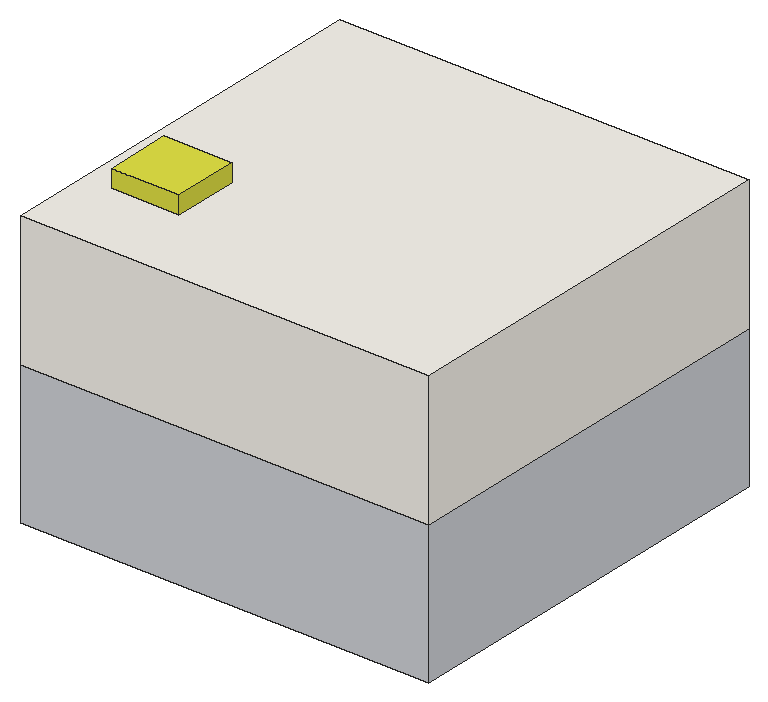
Revit family "Domotics-DomesticRanges-GEWISS-CHORUS_CLIMATE-GAS_H2O_DETECTOR", category Apparecchi elettrici, host Superficie, Revit 2016
Family settings
  Host = Superficie
  Mantenere orientamento annotazione = Sì
  Tipo di parte = Normale
  Quota connettore circolare = Usa diametro
  Taglio con vuoti quando caricato = Sì
  Condiviso = Sì
  Punto di calcolo locali = Sì
Parameters (values of type "GW14716 - Water detector, 2M 12V titanium")
  Vista in pianta [instance] = yes
  Version file RFA = "19.0"
  URL = "https://www.gewiss.com/ww/en"
  Tripping threshold = ""
  Tipo_ = gas_acqua_g : GW14716 Rivelatore acqua 2M 12V titanio
  Technical sheet = "https://www.gewiss.com/ww/en/search?q=GW14716"
  Supply voltage = "12V ac/dc"
  Sensor = "Water"
  SEO = ""
  Realized by GEWISS S.p.A. = ""
  Output contacts = "1NO/NC5A(AC1)/3A(AC15)250Vac"
  Offset pulsante [instance] = 20 mm
  Simbolo [instance] = yes
  Default Elevation = 1219.2 mm
  Produttore = "GEWISS S.p.A."
  Offset_bidimensionale = 2 mm  # constant formula
  No. Chorus modules: = ""
  No. Chorus modules = "2"
  Modello = "GW14716"
  Metano = no
  Immagine tipo = <Nessuno>
  IFC.TypeObject = ""
  IFC.ExportType = ""
  IFC.ExportAs = ""
  IDT = "fd0c2516-d22c-4d53-a17f-e013153919b3"
  IDF = "025949b4-e392-4a13-bf96-e4b1bdb066ea"
  GPL = no
  Electrocod = ""
  EAN code = ""
  Distanza_x [instance] = 0 mm  # constant formula
  Distanza_effettiva_x [instance] = 1500 mm - Distanza_x  # 1500 mm
  Descrizione = "WATER DETECTOR, 2M 12V TITANIUM"
  Description. = ""
  Colour = "Titanium"
  Catalogue Range = "CHORUS - DOMESTIC RANGE"
  Catalogue = "DOMOTICS"
  COBie.Tagnumber = ""
  COBie.CreatedOn = ""
  COBie.CreatebBy = ""
  COBie.ComponentRegisterItemID = ""
  COBie.Component.TagNumber = ""
  COBie.Component.Space = ""
  COBie.Component.SerialNumber = ""
  COBie.Component.InstallationDate = ""
  COBie.Component.Description = ""
  COBie.Component.BarCode = ""
  Acqua = yes
Reference planes
  plane 1 "Centro (Fronte/Retro)": y = 0
  plane 2: z = 0
  plane 3 "Centro (Sinistra/Destra)": x = 0
  plane 4: x = -1500
  plane 5: x = 0
  plane 6: z = 0
  plane 7: z = 52.93
  plane 8: z = 50.93
  plane 9: x = 22.102
  plane 10: x = -23.898
  plane 11: z = 20
Lines and regions (mm)
  Masking region 1, detail levels coarse
    outline origin (0, 0, 0) x (0, 1, 0) y (0, 0, 1)
      loop
        line (-22, 20) -> (22, 20) -> (22, 50.93) -> (-22, 50.93) -> (-22, 20)
  Masking region 2
    outline origin (0, 0, 0) x (1, 0, 0) y (0, 0, 1)
      loop
        line (-23.898, 50.93) -> (-23.898, 20) -> (22.102, 20) -> (22.102, 50.93) -> (-23.898, 50.93)
  model lines, style "ElectricalFixtures", not visible, detail levels coarse
    curve 1: circle (-182.734, -7.03, 0) r 1.655 normal (0, 0, 1)
    curve 2: line (-170.865, 15.861, 0) -> (-170.865, -29.139, 0)
    curve 3: line (-170.865, -29.139, 0) -> (-216.865, -29.139, 0)
    curve 4: line (-216.865, -29.139, 0) -> (-216.865, 15.861, 0)
    curve 5: line (-216.865, 15.861, 0) -> (-170.865, 15.861, 0)
    curve 6: line (-213.802, 12.253, 0) -> (-212.274, 12.253, 0)
    curve 7: line (-212.274, 12.253, 0) -> (-212.274, 7.668, 0)
    curve 8: line (-212.274, 7.668, 0) -> (-213.802, 7.668, 0)
    curve 9: line (-213.802, 7.668, 0) -> (-213.802, 12.253, 0)
    curve 10: line (-211.369, 12.253, 0) -> (-209.841, 12.253, 0)
    curve 11: line (-209.841, 12.253, 0) -> (-209.841, 7.668, 0)
    curve 12: line (-209.841, 7.668, 0) -> (-211.369, 7.668, 0)
    curve 13: line (-211.369, 7.668, 0) -> (-211.369, 12.253, 0)
    curve 14: line (-208.936, 12.253, 0) -> (-207.407, 12.253, 0)
    curve 15: line (-207.407, 12.253, 0) -> (-207.407, 7.668, 0)
    curve 16: line (-207.407, 7.668, 0) -> (-208.936, 7.668, 0)
    curve 17: line (-208.936, 7.668, 0) -> (-208.936, 12.253, 0)
    curve 18: line (-206.503, 12.253, 0) -> (-204.974, 12.253, 0)
    curve 19: line (-204.974, 12.253, 0) -> (-204.974, 7.668, 0)
    curve 20: line (-204.974, 7.668, 0) -> (-206.503, 7.668, 0)
    curve 21: line (-206.503, 7.668, 0) -> (-206.503, 12.253, 0)
    curve 22: line (-204.07, 12.253, 0) -> (-202.541, 12.253, 0)
    curve 23: line (-202.541, 12.253, 0) -> (-202.541, 7.668, 0)
    curve 24: line (-202.541, 7.668, 0) -> (-204.07, 7.668, 0)
    curve 25: line (-204.07, 7.668, 0) -> (-204.07, 12.253, 0)
    curve 26: line (-201.636, 12.253, 0) -> (-200.108, 12.253, 0)
    curve 27: line (-200.108, 12.253, 0) -> (-200.108, 7.668, 0)
    curve 28: line (-200.108, 7.668, 0) -> (-201.636, 7.668, 0)
    curve 29: line (-201.636, 7.668, 0) -> (-201.636, 12.253, 0)
    curve 30: line (-199.203, 12.253, 0) -> (-197.675, 12.253, 0)
    curve 31: line (-197.675, 12.253, 0) -> (-197.675, 7.668, 0)
    curve 32: line (-197.675, 7.668, 0) -> (-199.203, 7.668, 0)
    curve 33: line (-199.203, 7.668, 0) -> (-199.203, 12.253, 0)
    curve 34: line (-196.77, 12.253, 0) -> (-195.242, 12.253, 0)
    curve 35: line (-195.242, 12.253, 0) -> (-195.242, 7.668, 0)
    curve 36: line (-195.242, 7.668, 0) -> (-196.77, 7.668, 0)
    curve 37: line (-196.77, 7.668, 0) -> (-196.77, 12.253, 0)
    curve 38: line (-194.337, 12.253, 0) -> (-192.809, 12.253, 0)
    curve 39: line (-192.809, 12.253, 0) -> (-192.809, 7.668, 0)
    curve 40: line (-192.809, 7.668, 0) -> (-194.337, 7.668, 0)
    curve 41: line (-194.337, 7.668, 0) -> (-194.337, 12.253, 0)
    curve 42: line (-191.904, 12.253, 0) -> (-190.376, 12.253, 0)
    curve 43: line (-190.376, 12.253, 0) -> (-190.376, 7.668, 0)
    curve 44: line (-190.376, 7.668, 0) -> (-191.904, 7.668, 0)
    curve 45: line (-191.904, 7.668, 0) -> (-191.904, 12.253, 0)
    curve 46: line (-189.471, 12.253, 0) -> (-187.943, 12.253, 0)
    curve 47: line (-187.943, 12.253, 0) -> (-187.943, 7.668, 0)
    curve 48: line (-187.943, 7.668, 0) -> (-189.471, 7.668, 0)
    curve 49: line (-189.471, 7.668, 0) -> (-189.471, 12.253, 0)
    curve 50: line (-187.038, 12.253, 0) -> (-185.509, 12.253, 0)
    curve 51: line (-185.509, 12.253, 0) -> (-185.509, 7.668, 0)
    curve 52: line (-185.509, 7.668, 0) -> (-187.038, 7.668, 0)
    curve 53: line (-187.038, 7.668, 0) -> (-187.038, 12.253, 0)
    curve 54: line (-184.605, 12.253, 0) -> (-183.076, 12.253, 0)
    curve 55: line (-183.076, 12.253, 0) -> (-183.076, 7.668, 0)
    curve 56: line (-183.076, 7.668, 0) -> (-184.605, 7.668, 0)
    curve 57: line (-184.605, 7.668, 0) -> (-184.605, 12.253, 0)
    curve 58: line (-182.172, 12.253, 0) -> (-180.643, 12.253, 0)
    curve 59: line (-180.643, 12.253, 0) -> (-180.643, 7.668, 0)
    curve 60: line (-180.643, 7.668, 0) -> (-182.172, 7.668, 0)
    curve 61: line (-182.172, 7.668, 0) -> (-182.172, 12.253, 0)
    curve 62: line (-179.739, 12.253, 0) -> (-178.21, 12.253, 0)
    curve 63: line (-178.21, 12.253, 0) -> (-178.21, 7.668, 0)
    curve 64: line (-178.21, 7.668, 0) -> (-179.739, 7.668, 0)
    curve 65: line (-179.739, 7.668, 0) -> (-179.739, 12.253, 0)
    curve 66: line (-177.305, 12.253, 0) -> (-175.777, 12.253, 0)
    curve 67: line (-175.777, 12.253, 0) -> (-175.777, 7.668, 0)
    curve 68: line (-175.777, 7.668, 0) -> (-177.305, 7.668, 0)
    curve 69: line (-177.305, 7.668, 0) -> (-177.305, 12.253, 0)
    curve 70: line (-174.872, 12.253, 0) -> (-173.344, 12.253, 0)
    curve 71: line (-173.344, 12.253, 0) -> (-173.344, 7.668, 0)
    curve 72: line (-173.344, 7.668, 0) -> (-174.872, 7.668, 0)
    curve 73: line (-174.872, 7.668, 0) -> (-174.872, 12.253, 0)
    curve 74: line (-187.369, 2.633, 0) -> (-186.201, 5.6, 0)
    curve 75: line (-186.201, 5.6, 0) -> (-185.032, 2.633, 0)
    curve 76: line (-186.929, 3.751, 0) -> (-185.472, 3.751, 0)
    curve 77: line (-182.335, 4.701, 0) -> (-182.514, 5.061, 0)
    curve 78: line (-182.514, 5.061, 0) -> (-182.799, 5.3, 0)
    curve 79: line (-182.799, 5.3, 0) -> (-183.228, 5.417, 0)
    curve 80: line (-183.228, 5.417, 0) -> (-183.748, 5.352, 0)
    curve 81: line (-183.748, 5.352, 0) -> (-184.151, 5.118, 0)
    curve 82: line (-184.151, 5.118, 0) -> (-184.411, 4.676, 0)
    curve 83: line (-184.411, 4.676, 0) -> (-184.489, 4.091, 0)
    curve 84: line (-184.489, 4.091, 0) -> (-184.398, 3.324, 0)
    curve 85: line (-184.398, 3.324, 0) -> (-184.047, 2.921, 0)
    curve 86: line (-184.047, 2.921, 0) -> (-183.475, 2.687, 0)
    curve 87: line (-183.475, 2.687, 0) -> (-182.955, 2.7, 0)
    curve 88: line (-182.955, 2.7, 0) -> (-182.578, 2.947, 0)
    curve 89: line (-182.578, 2.947, 0) -> (-182.318, 3.246, 0)
    curve 90: line (-182.318, 3.246, 0) -> (-182.201, 3.61, 0)
    curve 91: line (-180.355, 5.43, 0) -> (-180.849, 5.378, 0)
    curve 92: line (-180.849, 5.378, 0) -> (-181.187, 5.092, 0)
    curve 93: line (-181.187, 5.092, 0) -> (-181.525, 4.65, 0)
    curve 94: line (-181.525, 4.65, 0) -> (-181.577, 4.052, 0)
    curve 95: line (-181.577, 4.052, 0) -> (-181.525, 3.519, 0)
    curve 96: line (-181.525, 3.519, 0) -> (-181.252, 3.103, 0)
    curve 97: line (-181.252, 3.103, 0) -> (-180.862, 2.843, 0)
    curve 98: line (-180.862, 2.843, 0) -> (-180.277, 2.713, 0)
    curve 99: line (-180.277, 2.713, 0) -> (-179.874, 2.778, 0)
    curve 100: line (-179.874, 2.778, 0) -> (-179.471, 3.051, 0)
    curve 101: line (-179.471, 3.051, 0) -> (-179.224, 3.467, 0)
    curve 102: line (-179.224, 3.467, 0) -> (-179.107, 3.948, 0)
    curve 103: line (-179.107, 3.948, 0) -> (-179.172, 4.468, 0)
    curve 104: line (-179.172, 4.468, 0) -> (-179.341, 4.845, 0)
    curve 105: line (-179.341, 4.845, 0) -> (-179.718, 5.222, 0)
    curve 106: line (-179.718, 5.222, 0) -> (-180.095, 5.391, 0)
    curve 107: line (-180.095, 5.391, 0) -> (-180.355, 5.43, 0)
    curve 108: line (-180.212, 3.246, 0) -> (-179.77, 3.048, 0)
    curve 109: line (-179.77, 3.048, 0) -> (-179.38, 2.752, 0)
    curve 110: line (-179.38, 2.752, 0) -> (-178.964, 2.583, 0)
    curve 111: line (-178.269, 5.547, 0) -> (-178.269, 3.402, 0)
    curve 112: line (-178.269, 3.402, 0) -> (-178.087, 2.986, 0)
    curve 113: line (-178.087, 2.986, 0) -> (-177.736, 2.791, 0)
    curve 114: line (-177.736, 2.791, 0) -> (-177.294, 2.713, 0)
    curve 115: line (-177.294, 2.713, 0) -> (-176.891, 2.778, 0)
    curve 116: line (-176.891, 2.778, 0) -> (-176.514, 2.999, 0)
    curve 117: line (-176.514, 2.999, 0) -> (-176.345, 3.363, 0)
    curve 118: line (-176.345, 3.363, 0) -> (-176.345, 5.547, 0)
    curve 119: line (-175.681, 2.633, 0) -> (-174.603, 5.51, 0)
    curve 120: line (-174.603, 5.51, 0) -> (-173.344, 2.633, 0)
    curve 121: line (-175.271, 3.728, 0) -> (-173.823, 3.728, 0)
    curve 122: line (-199.203, -19.805, 0) -> (-197.675, -19.805, 0)
    curve 123: line (-197.675, -19.805, 0) -> (-197.675, -24.39, 0)
    curve 124: line (-197.675, -24.39, 0) -> (-199.203, -24.39, 0)
    curve 125: line (-199.203, -24.39, 0) -> (-199.203, -19.805, 0)
    curve 126: line (-196.77, -19.805, 0) -> (-195.242, -19.805, 0)
    curve 127: line (-195.242, -19.805, 0) -> (-195.242, -24.39, 0)
    curve 128: line (-195.242, -24.39, 0) -> (-196.77, -24.39, 0)
    curve 129: line (-196.77, -24.39, 0) -> (-196.77, -19.805, 0)
    curve 130: line (-194.337, -19.805, 0) -> (-192.809, -19.805, 0)
    curve 131: line (-192.809, -19.805, 0) -> (-192.809, -24.39, 0)
    curve 132: line (-192.809, -24.39, 0) -> (-194.337, -24.39, 0)
    curve 133: line (-194.337, -24.39, 0) -> (-194.337, -19.805, 0)
    curve 134: line (-191.904, -19.805, 0) -> (-190.376, -19.805, 0)
    curve 135: line (-190.376, -19.805, 0) -> (-190.376, -24.39, 0)
    curve 136: line (-190.376, -24.39, 0) -> (-191.904, -24.39, 0)
    curve 137: line (-191.904, -24.39, 0) -> (-191.904, -19.805, 0)
    curve 138: line (-189.471, -19.805, 0) -> (-187.943, -19.805, 0)
    curve 139: line (-187.943, -19.805, 0) -> (-187.943, -24.39, 0)
    curve 140: line (-187.943, -24.39, 0) -> (-189.471, -24.39, 0)
    curve 141: line (-189.471, -24.39, 0) -> (-189.471, -19.805, 0)
    curve 142: line (-187.038, -19.805, 0) -> (-185.509, -19.805, 0)
    curve 143: line (-185.509, -19.805, 0) -> (-185.509, -24.39, 0)
    curve 144: line (-185.509, -24.39, 0) -> (-187.038, -24.39, 0)
    curve 145: line (-187.038, -24.39, 0) -> (-187.038, -19.805, 0)
    curve 146: line (-184.605, -19.805, 0) -> (-183.076, -19.805, 0)
    curve 147: line (-183.076, -19.805, 0) -> (-183.076, -24.39, 0)
    curve 148: line (-183.076, -24.39, 0) -> (-184.605, -24.39, 0)
    curve 149: line (-184.605, -24.39, 0) -> (-184.605, -19.805, 0)
    curve 150: line (-182.172, -19.805, 0) -> (-180.643, -19.805, 0)
    curve 151: line (-180.643, -19.805, 0) -> (-180.643, -24.39, 0)
    curve 152: line (-180.643, -24.39, 0) -> (-182.172, -24.39, 0)
    curve 153: line (-182.172, -24.39, 0) -> (-182.172, -19.805, 0)
    curve 154: line (-179.739, -19.805, 0) -> (-178.21, -19.805, 0)
    curve 155: line (-178.21, -19.805, 0) -> (-178.21, -24.39, 0)
    curve 156: line (-178.21, -24.39, 0) -> (-179.739, -24.39, 0)
    curve 157: line (-179.739, -24.39, 0) -> (-179.739, -19.805, 0)
    curve 158: line (-177.305, -19.805, 0) -> (-175.777, -19.805, 0)
    curve 159: line (-175.777, -19.805, 0) -> (-175.777, -24.39, 0)
    curve 160: line (-175.777, -24.39, 0) -> (-177.305, -24.39, 0)
    curve 161: line (-177.305, -24.39, 0) -> (-177.305, -19.805, 0)
    curve 162: line (-174.872, -19.805, 0) -> (-173.344, -19.805, 0)
    curve 163: line (-173.344, -19.805, 0) -> (-173.344, -24.39, 0)
    curve 164: line (-173.344, -24.39, 0) -> (-174.872, -24.39, 0)
    curve 165: line (-174.872, -24.39, 0) -> (-174.872, -19.805, 0)
    curve 166: line (-213.712, -12.882, 0) -> (-206.07, -12.882, 0)
    curve 167: line (-206.07, -12.882, 0) -> (-206.07, -20.255, 0)
    curve 168: line (-206.07, -20.255, 0) -> (-213.712, -20.255, 0)
    curve 169: line (-213.712, -20.255, 0) -> (-213.712, -12.882, 0)
    curve 170: line (-216.499, -10.005, 0) -> (-214.971, -10.005, 0)
    curve 171: line (-215.735, -10.005, 0) -> (-215.735, -11.805, 0)
    curve 172: line (-213.442, -10.005, 0) -> (-214.611, -10.005, 0)
    curve 173: line (-214.611, -10.005, 0) -> (-214.611, -11.803, 0)
    curve 174: line (-214.611, -11.803, 0) -> (-213.442, -11.803, 0)
    curve 175: line (-214.611, -10.814, 0) -> (-213.622, -10.814, 0)
    curve 176: line (-211.824, -10.455, 0) -> (-211.974, -10.194, 0)
    curve 177: line (-211.974, -10.194, 0) -> (-212.199, -10.029, 0)
    curve 178: line (-212.199, -10.029, 0) -> (-212.476, -10.012, 0)
    curve 179: line (-212.476, -10.012, 0) -> (-212.728, -10.046, 0)
    curve 180: line (-212.728, -10.046, 0) -> (-212.91, -10.228, 0)
    curve 181: line (-212.91, -10.228, 0) -> (-212.988, -10.454, 0)
    curve 182: line (-212.988, -10.454, 0) -> (-212.918, -10.679, 0)
    curve 183: line (-212.918, -10.679, 0) -> (-212.71, -10.766, 0)
    curve 184: line (-212.71, -10.766, 0) -> (-211.93, -10.999, 0)
    curve 185: line (-211.93, -10.999, 0) -> (-211.783, -11.173, 0)
    curve 186: line (-211.783, -11.173, 0) -> (-211.8, -11.407, 0)
    curve 187: line (-211.8, -11.407, 0) -> (-211.965, -11.597, 0)
    curve 188: line (-211.965, -11.597, 0) -> (-212.19, -11.736, 0)
    curve 189: line (-212.19, -11.736, 0) -> (-212.52, -11.727, 0)
    curve 190: line (-212.52, -11.727, 0) -> (-212.797, -11.649, 0)
    curve 191: line (-212.797, -11.649, 0) -> (-212.944, -11.493, 0)
    curve 192: line (-212.944, -11.493, 0) -> (-213.014, -11.32, 0)
    curve 193: line (-211.463, -10.038, 0) -> (-210.015, -10.038, 0)
    curve 194: line (-210.739, -10.038, 0) -> (-210.739, -11.797, 0)
    curve 195: line (-209.335, -9.908, 0) -> (-209.881, -11.84, 0)
    curve 196: line (-208.893, -11.797, 0) -> (-208.893, -10.038, 0)
    curve 197: line (-208.893, -10.038, 0) -> (-208.2, -10.038, 0)
    curve 198: line (-208.2, -10.038, 0) -> (-207.896, -10.124, 0)
    curve 199: line (-207.896, -10.124, 0) -> (-207.723, -10.376, 0)
    curve 200: line (-207.723, -10.376, 0) -> (-207.74, -10.67, 0)
    curve 201: line (-207.74, -10.67, 0) -> (-207.879, -10.843, 0)
    curve 202: line (-207.879, -10.843, 0) -> (-208.156, -10.965, 0)
    curve 203: line (-208.156, -10.965, 0) -> (-208.512, -10.965, 0)
    curve 204: line (-208.512, -10.965, 0) -> (-208.893, -10.965, 0)
    curve 205: line (-207.188, -11.805, 0) -> (-207.188, -10.038, 0)
    curve 206: line (-207.188, -10.038, 0) -> (-206.348, -10.038, 0)
    curve 207: line (-206.348, -10.038, 0) -> (-206.079, -10.116, 0)
    curve 208: line (-206.079, -10.116, 0) -> (-205.958, -10.315, 0)
    curve 209: line (-205.958, -10.315, 0) -> (-205.923, -10.532, 0)
    curve 210: line (-205.923, -10.532, 0) -> (-206.053, -10.722, 0)
    curve 211: line (-206.053, -10.722, 0) -> (-206.27, -10.861, 0)
    curve 212: line (-206.27, -10.861, 0) -> (-206.556, -10.887, 0)
    curve 213: line (-206.556, -10.887, 0) -> (-207.188, -10.887, 0)
    curve 214: line (-206.556, -10.887, 0) -> (-206.209, -11.129, 0)
    curve 215: line (-206.209, -11.129, 0) -> (-206.062, -11.337, 0)
    curve 216: line (-206.062, -11.337, 0) -> (-205.828, -11.814, 0)
    curve 217: line (-204.622, -10.029, 0) -> (-204.926, -10.09, 0)
    curve 218: line (-204.926, -10.09, 0) -> (-205.22, -10.306, 0)
    curve 219: line (-205.22, -10.306, 0) -> (-205.394, -10.653, 0)
    curve 220: line (-205.394, -10.653, 0) -> (-205.385, -11.051, 0)
    curve 221: line (-205.385, -11.051, 0) -> (-205.316, -11.355, 0)
    curve 222: line (-205.316, -11.355, 0) -> (-205.047, -11.606, 0)
    curve 223: line (-205.047, -11.606, 0) -> (-204.744, -11.753, 0)
    curve 224: line (-204.744, -11.753, 0) -> (-204.354, -11.753, 0)
    curve 225: line (-204.354, -11.753, 0) -> (-204.094, -11.571, 0)
    curve 226: line (-204.094, -11.571, 0) -> (-203.886, -11.268, 0)
    curve 227: line (-203.886, -11.268, 0) -> (-203.816, -10.93, 0)
    curve 228: line (-203.816, -10.93, 0) -> (-203.877, -10.506, 0)
    curve 229: line (-203.877, -10.506, 0) -> (-204.102, -10.176, 0)
    curve 230: line (-204.102, -10.176, 0) -> (-204.414, -10.029, 0)
    curve 231: line (-204.414, -10.029, 0) -> (-204.622, -10.029, 0)
    curve 232: line (-201.863, -10.48, 0) -> (-202.036, -10.159, 0)
    curve 233: line (-202.036, -10.159, 0) -> (-202.314, -10.012, 0)
    curve 234: line (-202.314, -10.012, 0) -> (-202.73, -10.038, 0)
    curve 235: line (-202.73, -10.038, 0) -> (-203.154, -10.306, 0)
    curve 236: line (-203.154, -10.306, 0) -> (-203.319, -10.748, 0)
    curve 237: line (-203.319, -10.748, 0) -> (-203.284, -11.181, 0)
    curve 238: line (-203.284, -11.181, 0) -> (-203.094, -11.563, 0)
    curve 239: line (-203.094, -11.563, 0) -> (-202.73, -11.71, 0)
    curve 240: line (-202.73, -11.71, 0) -> (-202.227, -11.727, 0)
    curve 241: line (-202.227, -11.727, 0) -> (-201.915, -11.571, 0)
    curve 242: line (-201.915, -11.571, 0) -> (-201.794, -11.407, 0)
    curve 243: line (-201.794, -11.407, 0) -> (-201.794, -10.947, 0)
    curve 244: line (-201.794, -10.947, 0) -> (-202.435, -10.947, 0)
    curve 245: line (-173.702, -9.556, 0) -> (-173.702, -17.647, 0)
    curve 246: line (-173.702, -17.647, 0) -> (-172.533, -17.647, 0)
    curve 247: line (-172.533, -17.647, 0) -> (-172.533, -9.556, 0)
    curve 248: line (-172.533, -9.556, 0) -> (-173.702, -9.556, 0)
    curve 249: line (-177.173, -17.647, 0) -> (-177.173, -9.556, 0)
    curve 250: line (-177.173, -9.556, 0) -> (-178.342, -9.556, 0)
    curve 251: line (-178.342, -9.556, 0) -> (-178.342, -17.647, 0)
    curve 252: line (-178.342, -17.647, 0) -> (-177.173, -17.647, 0)
    curve 253: line (-183.208, -9.556, 0) -> (-183.208, -17.647, 0)
    curve 254: line (-183.208, -17.647, 0) -> (-182.04, -17.647, 0)
    curve 255: line (-182.04, -17.647, 0) -> (-182.04, -9.556, 0)
    curve 256: line (-182.04, -9.556, 0) -> (-183.208, -9.556, 0)
    curve 257: line (-171.184, -8.567, 0) -> (-173.117, -5.219, 0)
    curve 258: line (-173.117, -5.219, 0) -> (-175.05, -8.567, 0)
    curve 259: line (-175.05, -8.567, 0) -> (-171.184, -8.567, 0)
    curve 260: line (-173.177, -6.115, 0) -> (-173.749, -7.22, 0)
    curve 261: line (-173.749, -7.22, 0) -> (-173.944, -7.974, 0)
    curve 262: line (-173.944, -7.974, 0) -> (-173.671, -8.351, 0)
    curve 263: line (-173.671, -8.351, 0) -> (-173.138, -8.455, 0)
    curve 264: line (-173.138, -8.455, 0) -> (-172.358, -8.39, 0)
    curve 265: line (-172.358, -8.39, 0) -> (-172.086, -7.974, 0)
    curve 266: line (-172.086, -7.974, 0) -> (-172.332, -7.259, 0)
    curve 267: line (-172.332, -7.259, 0) -> (-172.473, -7.016, 0)
    curve 268: line (-172.473, -7.016, 0) -> (-173.177, -6.115, 0)
    curve 269: line (-175.908, -5.624, 0) -> (-179.842, -5.624, 0)
    curve 270: line (-179.842, -5.624, 0) -> (-179.842, -8.203, 0)
    curve 271: line (-179.842, -8.203, 0) -> (-175.82, -8.203, 0)
    curve 272: line (-175.82, -8.203, 0) -> (-175.206, -7.501, 0)
    curve 273: line (-175.206, -7.501, 0) -> (-175.206, -6.185, 0)
    curve 274: line (-175.206, -6.185, 0) -> (-175.908, -5.624, 0)
    curve 275: line (-179.066, -5.624, 0) -> (-177.831, -8.203, 0)
    curve 276: line (-182.734, -6.533, 0) -> (-182.734, -4.686, 0)
    curve 277: line (-179.645, -3.121, 0) -> (-178.89, -3.694, 0)
    curve 278: line (-178.89, -3.694, 0) -> (-179.645, -4.266, 0)
    curve 279: line (-179.268, -3.98, 0) -> (-178.626, -4.583, 0)
    curve 280: line (-178.626, -4.583, 0) -> (-176.306, -4.583, 0)
    curve 281: line (-176.306, -4.583, 0) -> (-176.306, -3.694, 0)
    curve 282: line (-176.306, -3.694, 0) -> (-176.306, -2.804, 0)
    curve 283: line (-176.306, -2.804, 0) -> (-178.626, -2.804, 0)
    curve 284: line (-178.626, -2.804, 0) -> (-179.268, -3.408, 0)
    curve 285: circle (-125.477, -6.83, 0) r 1.756 normal (0, 0, 1)
    curve 286: circle (-120.197, -8.089, 0) r 0.185 normal (0, 0, 1)
    curve 287: line (-113.107, 17.212, 0) -> (-113.107, -27.788, 0)
    curve 288: line (-113.107, -27.788, 0) -> (-159.107, -27.788, 0)
    curve 289: line (-159.107, -27.788, 0) -> (-159.107, 17.212, 0)
    curve 290: line (-159.107, 17.212, 0) -> (-113.107, 17.212, 0)
    curve 291: line (-157.63, 11.381, 0) -> (-156.009, 11.381, 0)
    curve 292: line (-156.009, 11.381, 0) -> (-156.009, 6.516, 0)
    curve 293: line (-156.009, 6.516, 0) -> (-157.63, 6.516, 0)
    curve 294: line (-157.63, 6.516, 0) -> (-157.63, 11.381, 0)
    curve 295: line (-155.049, 11.381, 0) -> (-153.427, 11.381, 0)
    curve 296: line (-153.427, 11.381, 0) -> (-153.427, 6.516, 0)
    curve 297: line (-153.427, 6.516, 0) -> (-155.049, 6.516, 0)
    curve 298: line (-155.049, 6.516, 0) -> (-155.049, 11.381, 0)
    curve 299: line (-152.467, 11.381, 0) -> (-150.846, 11.381, 0)
    curve 300: line (-150.846, 11.381, 0) -> (-150.846, 6.516, 0)
    curve 301: line (-150.846, 6.516, 0) -> (-152.467, 6.516, 0)
    curve 302: line (-152.467, 6.516, 0) -> (-152.467, 11.381, 0)
    curve 303: line (-149.886, 11.381, 0) -> (-148.264, 11.381, 0)
    curve 304: line (-148.264, 11.381, 0) -> (-148.264, 6.516, 0)
    curve 305: line (-148.264, 6.516, 0) -> (-149.886, 6.516, 0)
    curve 306: line (-149.886, 6.516, 0) -> (-149.886, 11.381, 0)
    curve 307: line (-147.304, 11.381, 0) -> (-145.682, 11.381, 0)
    curve 308: line (-145.682, 11.381, 0) -> (-145.682, 6.516, 0)
    curve 309: line (-145.682, 6.516, 0) -> (-147.304, 6.516, 0)
    curve 310: line (-147.304, 6.516, 0) -> (-147.304, 11.381, 0)
    curve 311: line (-144.722, 11.381, 0) -> (-143.101, 11.381, 0)
    curve 312: line (-143.101, 11.381, 0) -> (-143.101, 6.516, 0)
    curve 313: line (-143.101, 6.516, 0) -> (-144.722, 6.516, 0)
    curve 314: line (-144.722, 6.516, 0) -> (-144.722, 11.381, 0)
    curve 315: line (-142.141, 11.381, 0) -> (-140.519, 11.381, 0)
    curve 316: line (-140.519, 11.381, 0) -> (-140.519, 6.516, 0)
    curve 317: line (-140.519, 6.516, 0) -> (-142.141, 6.516, 0)
    curve 318: line (-142.141, 6.516, 0) -> (-142.141, 11.381, 0)
    curve 319: line (-139.559, 11.381, 0) -> (-137.938, 11.381, 0)
    curve 320: line (-137.938, 11.381, 0) -> (-137.938, 6.516, 0)
    curve 321: line (-137.938, 6.516, 0) -> (-139.559, 6.516, 0)
    curve 322: line (-139.559, 6.516, 0) -> (-139.559, 11.381, 0)
    curve 323: line (-136.978, 11.381, 0) -> (-135.356, 11.381, 0)
    curve 324: line (-135.356, 11.381, 0) -> (-135.356, 6.516, 0)
    curve 325: line (-135.356, 6.516, 0) -> (-136.978, 6.516, 0)
    curve 326: line (-136.978, 6.516, 0) -> (-136.978, 11.381, 0)
    curve 327: line (-134.396, 11.381, 0) -> (-132.774, 11.381, 0)
    curve 328: line (-132.774, 11.381, 0) -> (-132.774, 6.516, 0)
    curve 329: line (-132.774, 6.516, 0) -> (-134.396, 6.516, 0)
    curve 330: line (-134.396, 6.516, 0) -> (-134.396, 11.381, 0)
    curve 331: line (-131.815, 11.381, 0) -> (-130.193, 11.381, 0)
    curve 332: line (-130.193, 11.381, 0) -> (-130.193, 6.516, 0)
    curve 333: line (-130.193, 6.516, 0) -> (-131.815, 6.516, 0)
    curve 334: line (-131.815, 6.516, 0) -> (-131.815, 11.381, 0)
    curve 335: line (-129.233, 11.381, 0) -> (-127.611, 11.381, 0)
    curve 336: line (-127.611, 11.381, 0) -> (-127.611, 6.516, 0)
    curve 337: line (-127.611, 6.516, 0) -> (-129.233, 6.516, 0)
    curve 338: line (-129.233, 6.516, 0) -> (-129.233, 11.381, 0)
    curve 339: line (-126.651, 11.381, 0) -> (-125.03, 11.381, 0)
    curve 340: line (-125.03, 11.381, 0) -> (-125.03, 6.516, 0)
    curve 341: line (-125.03, 6.516, 0) -> (-126.651, 6.516, 0)
    curve 342: line (-126.651, 6.516, 0) -> (-126.651, 11.381, 0)
    curve 343: line (-124.07, 11.381, 0) -> (-122.448, 11.381, 0)
    curve 344: line (-122.448, 11.381, 0) -> (-122.448, 6.516, 0)
    curve 345: line (-122.448, 6.516, 0) -> (-124.07, 6.516, 0)
    curve 346: line (-124.07, 6.516, 0) -> (-124.07, 11.381, 0)
    curve 347: line (-121.488, 11.381, 0) -> (-119.867, 11.381, 0)
    curve 348: line (-119.867, 11.381, 0) -> (-119.867, 6.516, 0)
    curve 349: line (-119.867, 6.516, 0) -> (-121.488, 6.516, 0)
    curve 350: line (-121.488, 6.516, 0) -> (-121.488, 11.381, 0)
    curve 351: line (-118.907, 11.381, 0) -> (-117.285, 11.381, 0)
    curve 352: line (-117.285, 11.381, 0) -> (-117.285, 6.516, 0)
    curve 353: line (-117.285, 6.516, 0) -> (-118.907, 6.516, 0)
    curve 354: line (-118.907, 6.516, 0) -> (-118.907, 11.381, 0)
    curve 355: line (-116.325, 11.381, 0) -> (-114.703, 11.381, 0)
    curve 356: line (-114.703, 11.381, 0) -> (-114.703, 6.516, 0)
    curve 357: line (-114.703, 6.516, 0) -> (-116.325, 6.516, 0)
    curve 358: line (-116.325, 6.516, 0) -> (-116.325, 11.381, 0)
    curve 359: line (-142.952, -20.385, 0) -> (-141.33, -20.385, 0)
    curve 360: line (-141.33, -20.385, 0) -> (-141.33, -25.25, 0)
    curve 361: line (-141.33, -25.25, 0) -> (-142.952, -25.25, 0)
    curve 362: line (-142.952, -25.25, 0) -> (-142.952, -20.385, 0)
    curve 363: line (-140.37, -20.385, 0) -> (-138.748, -20.385, 0)
    curve 364: line (-138.748, -20.385, 0) -> (-138.748, -25.25, 0)
    curve 365: line (-138.748, -25.25, 0) -> (-140.37, -25.25, 0)
    curve 366: line (-140.37, -25.25, 0) -> (-140.37, -20.385, 0)
    curve 367: line (-137.789, -20.385, 0) -> (-136.167, -20.385, 0)
    curve 368: line (-136.167, -20.385, 0) -> (-136.167, -25.25, 0)
    curve 369: line (-136.167, -25.25, 0) -> (-137.789, -25.25, 0)
    curve 370: line (-137.789, -25.25, 0) -> (-137.789, -20.385, 0)
    curve 371: line (-135.207, -20.385, 0) -> (-133.585, -20.385, 0)
    curve 372: line (-133.585, -20.385, 0) -> (-133.585, -25.25, 0)
    curve 373: line (-133.585, -25.25, 0) -> (-135.207, -25.25, 0)
    curve 374: line (-135.207, -25.25, 0) -> (-135.207, -20.385, 0)
    curve 375: line (-132.625, -20.385, 0) -> (-131.004, -20.385, 0)
    curve 376: line (-131.004, -20.385, 0) -> (-131.004, -25.25, 0)
    curve 377: line (-131.004, -25.25, 0) -> (-132.625, -25.25, 0)
    curve 378: line (-132.625, -25.25, 0) -> (-132.625, -20.385, 0)
    curve 379: line (-130.044, -20.385, 0) -> (-128.422, -20.385, 0)
    curve 380: line (-128.422, -20.385, 0) -> (-128.422, -25.25, 0)
    curve 381: line (-128.422, -25.25, 0) -> (-130.044, -25.25, 0)
    curve 382: line (-130.044, -25.25, 0) -> (-130.044, -20.385, 0)
    curve 383: line (-127.462, -20.385, 0) -> (-125.841, -20.385, 0)
    curve 384: line (-125.841, -20.385, 0) -> (-125.841, -25.25, 0)
    curve 385: line (-125.841, -25.25, 0) -> (-127.462, -25.25, 0)
    curve 386: line (-127.462, -25.25, 0) -> (-127.462, -20.385, 0)
    curve 387: line (-124.881, -20.385, 0) -> (-123.259, -20.385, 0)
    curve 388: line (-123.259, -20.385, 0) -> (-123.259, -25.25, 0)
    curve 389: line (-123.259, -25.25, 0) -> (-124.881, -25.25, 0)
    curve 390: line (-124.881, -25.25, 0) -> (-124.881, -20.385, 0)
    curve 391: line (-122.299, -20.385, 0) -> (-120.677, -20.385, 0)
    curve 392: line (-120.677, -20.385, 0) -> (-120.677, -25.25, 0)
    curve 393: line (-120.677, -25.25, 0) -> (-122.299, -25.25, 0)
    curve 394: line (-122.299, -25.25, 0) -> (-122.299, -20.385, 0)
    curve 395: line (-119.717, -20.385, 0) -> (-118.096, -20.385, 0)
    curve 396: line (-118.096, -20.385, 0) -> (-118.096, -25.25, 0)
    curve 397: line (-118.096, -25.25, 0) -> (-119.717, -25.25, 0)
    curve 398: line (-119.717, -25.25, 0) -> (-119.717, -20.385, 0)
    curve 399: line (-117.136, -20.385, 0) -> (-115.514, -20.385, 0)
    curve 400: line (-115.514, -20.385, 0) -> (-115.514, -25.25, 0)
    curve 401: line (-115.514, -25.25, 0) -> (-117.136, -25.25, 0)
    curve 402: line (-117.136, -25.25, 0) -> (-117.136, -20.385, 0)
    curve 403: line (-157.604, -13.04, 0) -> (-149.496, -13.04, 0)
    curve 404: line (-149.496, -13.04, 0) -> (-149.496, -20.862, 0)
    curve 405: line (-149.496, -20.862, 0) -> (-157.604, -20.862, 0)
    curve 406: line (-157.604, -20.862, 0) -> (-157.604, -13.04, 0)
    curve 407: line (-156.791, -9.987, 0) -> (-155.169, -9.987, 0)
    curve 408: line (-155.98, -9.987, 0) -> (-155.98, -11.897, 0)
    curve 409: line (-153.548, -9.987, 0) -> (-154.788, -9.987, 0)
    curve 410: line (-154.788, -9.987, 0) -> (-154.788, -11.895, 0)
    curve 411: line (-154.788, -11.895, 0) -> (-153.548, -11.895, 0)
    curve 412: line (-154.788, -10.846, 0) -> (-153.738, -10.846, 0)
    curve 413: line (-151.831, -10.464, 0) -> (-151.989, -10.187, 0)
    curve 414: line (-151.989, -10.187, 0) -> (-152.229, -10.012, 0)
    curve 415: line (-152.229, -10.012, 0) -> (-152.523, -9.994, 0)
    curve 416: line (-152.523, -9.994, 0) -> (-152.789, -10.031, 0)
    curve 417: line (-152.789, -10.031, 0) -> (-152.983, -10.224, 0)
    curve 418: line (-152.983, -10.224, 0) -> (-153.065, -10.463, 0)
    curve 419: line (-153.065, -10.463, 0) -> (-152.992, -10.702, 0)
    curve 420: line (-152.992, -10.702, 0) -> (-152.771, -10.794, 0)
    curve 421: line (-152.771, -10.794, 0) -> (-151.943, -11.042, 0)
    curve 422: line (-151.943, -11.042, 0) -> (-151.787, -11.226, 0)
    curve 423: line (-151.787, -11.226, 0) -> (-151.806, -11.474, 0)
    curve 424: line (-151.806, -11.474, 0) -> (-151.98, -11.677, 0)
    curve 425: line (-151.98, -11.677, 0) -> (-152.219, -11.824, 0)
    curve 426: line (-152.219, -11.824, 0) -> (-152.569, -11.815, 0)
    curve 427: line (-152.569, -11.815, 0) -> (-152.863, -11.732, 0)
    curve 428: line (-152.863, -11.732, 0) -> (-153.019, -11.566, 0)
    curve 429: line (-153.019, -11.566, 0) -> (-153.093, -11.382, 0)
    curve 430: line (-151.447, -10.022, 0) -> (-149.911, -10.022, 0)
    curve 431: line (-150.679, -10.022, 0) -> (-150.679, -11.888, 0)
    curve 432: line (-116.09, -9.51, 0) -> (-116.09, -18.096, 0)
    curve 433: line (-116.09, -18.096, 0) -> (-114.85, -18.096, 0)
    curve 434: line (-114.85, -18.096, 0) -> (-114.85, -9.51, 0)
    curve 435: line (-114.85, -9.51, 0) -> (-116.09, -9.51, 0)
    curve 436: line (-119.577, -18.096, 0) -> (-119.577, -9.51, 0)
    curve 437: line (-119.577, -9.51, 0) -> (-120.817, -9.51, 0)
    curve 438: line (-120.817, -9.51, 0) -> (-120.817, -18.096, 0)
    curve 439: line (-120.817, -18.096, 0) -> (-119.577, -18.096, 0)
    curve 440: line (-125.981, -9.51, 0) -> (-125.981, -18.096, 0)
    curve 441: line (-125.981, -18.096, 0) -> (-124.741, -18.096, 0)
    curve 442: line (-124.741, -18.096, 0) -> (-124.741, -9.51, 0)
    curve 443: line (-124.741, -9.51, 0) -> (-125.981, -9.51, 0)
    curve 444: line (-113.419, -8.461, 0) -> (-115.47, -4.909, 0)
    curve 445: line (-115.47, -4.909, 0) -> (-117.521, -8.461, 0)
    curve 446: line (-117.521, -8.461, 0) -> (-113.419, -8.461, 0)
    curve 447: line (-125.477, -6.303, 0) -> (-125.477, -4.344, 0)
    curve 448: line (-118.146, -8.461, 0) -> (-120.197, -4.909, 0)
    curve 449: line (-120.197, -4.909, 0) -> (-122.248, -8.461, 0)
    curve 450: line (-122.248, -8.461, 0) -> (-118.146, -8.461, 0)
    curve 451: line (-120.303, -5.665, 0) -> (-120.303, -7.706, 0)
    curve 452: line (-120.303, -7.706, 0) -> (-120.092, -7.706, 0)
    curve 453: line (-120.092, -7.706, 0) -> (-120.092, -5.665, 0)
    curve 454: line (-120.092, -5.665, 0) -> (-120.303, -5.665, 0)
    curve 455: line (-114.583, -7.57, 0) -> (-114.133, -7.634, 0)
    curve 456: line (-114.133, -7.634, 0) -> (-114.797, -8.073, 0)
    curve 457: line (-114.797, -8.073, 0) -> (-115.448, -8.333, 0)
    curve 458: line (-115.448, -8.333, 0) -> (-116.156, -8.048, 0)
    curve 459: line (-116.156, -8.048, 0) -> (-116.477, -7.331, 0)
    curve 460: line (-116.477, -7.331, 0) -> (-116.11, -7.34, 0)
    curve 461: line (-116.11, -7.34, 0) -> (-115.815, -7.763, 0)
    curve 462: line (-115.815, -7.763, 0) -> (-116.018, -7.147, 0)
    curve 463: line (-116.018, -7.147, 0) -> (-116.006, -6.669, 0)
    curve 464: line (-116.006, -6.669, 0) -> (-115.677, -6.742, 0)
    curve 465: line (-115.677, -6.742, 0) -> (-115.549, -7.257, 0)
    curve 466: line (-115.549, -7.257, 0) -> (-115.448, -6.283, 0)
    curve 467: line (-115.448, -6.283, 0) -> (-115.162, -6.025, 0)
    curve 468: line (-115.162, -6.025, 0) -> (-114.942, -6.494, 0)
    curve 469: line (-114.942, -6.494, 0) -> (-114.905, -7, 0)
    curve 470: line (-114.905, -7, 0) -> (-114.993, -7.392, 0)
    curve 471: line (-114.993, -7.392, 0) -> (-114.774, -7.304, 0)
    curve 472: line (-114.774, -7.304, 0) -> (-114.353, -7.239, 0)
    curve 473: line (-114.353, -7.239, 0) -> (-114.583, -7.57, 0)
    curve 474: line (-121.228, 2.723, 0) -> (-120.255, 2.723, 0)
    curve 475: line (-120.255, 2.723, 0) -> (-120.255, 1.874, 0)
    curve 476: line (-120.255, 1.874, 0) -> (-120.835, 1.481, 0)
    curve 477: line (-120.835, 1.481, 0) -> (-121.372, 1.419, 0)
    curve 478: line (-121.372, 1.419, 0) -> (-121.828, 1.523, 0)
    curve 479: line (-121.828, 1.523, 0) -> (-122.386, 1.916, 0)
    curve 480: line (-122.386, 1.916, 0) -> (-122.697, 2.578, 0)
    curve 481: line (-122.697, 2.578, 0) -> (-122.614, 3.364, 0)
    curve 482: line (-122.614, 3.364, 0) -> (-122.262, 4.005, 0)
    curve 483: line (-122.262, 4.005, 0) -> (-121.559, 4.316, 0)
    curve 484: line (-121.559, 4.316, 0) -> (-121, 4.274, 0)
    curve 485: line (-121, 4.274, 0) -> (-120.524, 3.985, 0)
    curve 486: line (-120.524, 3.985, 0) -> (-120.235, 3.529, 0)
    curve 487: line (-119.283, 1.461, 0) -> (-119.283, 4.233, 0)
    curve 488: line (-119.283, 4.233, 0) -> (-117.814, 4.233, 0)
    curve 489: line (-117.814, 4.233, 0) -> (-117.359, 3.964, 0)
    curve 490: line (-117.359, 3.964, 0) -> (-117.255, 3.343, 0)
    curve 491: line (-117.255, 3.343, 0) -> (-117.483, 2.929, 0)
    curve 492: line (-117.483, 2.929, 0) -> (-117.876, 2.723, 0)
    curve 493: line (-117.876, 2.723, 0) -> (-119.283, 2.723, 0)
    curve 494: line (-116.387, 4.233, 0) -> (-116.387, 1.461, 0)
    curve 495: line (-116.387, 1.461, 0) -> (-114.773, 1.461, 0)
    curve 496: line (-155.86, 2.723, 0) -> (-154.888, 2.723, 0)
    curve 497: line (-154.888, 2.723, 0) -> (-154.888, 1.874, 0)
    curve 498: line (-154.888, 1.874, 0) -> (-155.467, 1.481, 0)
    curve 499: line (-155.467, 1.481, 0) -> (-156.005, 1.419, 0)
    curve 500: line (-156.005, 1.419, 0) -> (-156.46, 1.523, 0)
    curve 501: line (-156.46, 1.523, 0) -> (-157.019, 1.916, 0)
    curve 502: line (-157.019, 1.916, 0) -> (-157.329, 2.578, 0)
    curve 503: line (-157.329, 2.578, 0) -> (-157.246, 3.364, 0)
    curve 504: line (-157.246, 3.364, 0) -> (-156.895, 4.005, 0)
    curve 505: line (-156.895, 4.005, 0) -> (-156.191, 4.316, 0)
    curve 506: line (-156.191, 4.316, 0) -> (-155.633, 4.274, 0)
    curve 507: line (-155.633, 4.274, 0) -> (-155.157, 3.985, 0)
    curve 508: line (-155.157, 3.985, 0) -> (-154.867, 3.529, 0)
    curve 509: line (-138.135, 1.461, 0) -> (-138.135, 4.233, 0)
    curve 510: line (-138.135, 4.233, 0) -> (-136.666, 4.233, 0)
    curve 511: line (-136.666, 4.233, 0) -> (-136.211, 3.964, 0)
    curve 512: line (-136.211, 3.964, 0) -> (-136.108, 3.343, 0)
    curve 513: line (-136.108, 3.343, 0) -> (-136.335, 2.929, 0)
    curve 514: line (-136.335, 2.929, 0) -> (-136.729, 2.723, 0)
    curve 515: line (-136.729, 2.723, 0) -> (-138.135, 2.723, 0)
    curve 516: line (-154.155, 1.411, 0) -> (-152.996, 4.266, 0)
    curve 517: line (-152.996, 4.266, 0) -> (-151.782, 1.37, 0)
    curve 518: line (-153.75, 2.408, 0) -> (-152.218, 2.408, 0)
    curve 519: line (-149.157, 3.526, 0) -> (-149.285, 3.83, 0)
    curve 520: line (-149.285, 3.83, 0) -> (-149.562, 4.151, 0)
    curve 521: line (-149.562, 4.151, 0) -> (-149.847, 4.262, 0)
    curve 522: line (-149.847, 4.262, 0) -> (-150.114, 4.299, 0)
    curve 523: line (-150.114, 4.299, 0) -> (-150.454, 4.243, 0)
    curve 524: line (-150.454, 4.243, 0) -> (-150.831, 4.069, 0)
    curve 525: line (-150.831, 4.069, 0) -> (-151.061, 3.71, 0)
    curve 526: line (-151.061, 3.71, 0) -> (-151.024, 3.278, 0)
    curve 527: line (-151.024, 3.278, 0) -> (-150.748, 3.066, 0)
    curve 528: line (-150.748, 3.066, 0) -> (-149.277, 2.634, 0)
    curve 529: line (-149.277, 2.634, 0) -> (-149.065, 2.294, 0)
    curve 530: line (-149.065, 2.294, 0) -> (-149.111, 1.89, 0)
    curve 531: line (-149.111, 1.89, 0) -> (-149.378, 1.581, 0)
    curve 532: line (-149.378, 1.581, 0) -> (-149.783, 1.444, 0)
    curve 533: line (-149.783, 1.444, 0) -> (-150.086, 1.379, 0)
    curve 534: line (-150.086, 1.379, 0) -> (-150.527, 1.416, 0)
    curve 535: line (-150.527, 1.416, 0) -> (-150.895, 1.664, 0)
    curve 536: line (-150.895, 1.664, 0) -> (-151.079, 1.912, 0)
    curve 537: line (-151.079, 1.912, 0) -> (-151.143, 2.253, 0)
    curve 538: line (-145.061, 3.526, 0) -> (-145.188, 3.83, 0)
    curve 539: line (-145.188, 3.83, 0) -> (-145.466, 4.151, 0)
    curve 540: line (-145.466, 4.151, 0) -> (-145.751, 4.262, 0)
    curve 541: line (-145.751, 4.262, 0) -> (-146.017, 4.299, 0)
    curve 542: line (-146.017, 4.299, 0) -> (-146.357, 4.243, 0)
    curve 543: line (-146.357, 4.243, 0) -> (-146.734, 4.069, 0)
    curve 544: line (-146.734, 4.069, 0) -> (-146.964, 3.71, 0)
    curve 545: line (-146.964, 3.71, 0) -> (-146.928, 3.278, 0)
    curve 546: line (-146.928, 3.278, 0) -> (-146.652, 3.066, 0)
    curve 547: line (-146.652, 3.066, 0) -> (-145.181, 2.634, 0)
    curve 548: line (-145.181, 2.634, 0) -> (-144.969, 2.294, 0)
    curve 549: line (-144.969, 2.294, 0) -> (-145.015, 1.89, 0)
    curve 550: line (-145.015, 1.89, 0) -> (-145.282, 1.581, 0)
    curve 551: line (-145.282, 1.581, 0) -> (-145.686, 1.444, 0)
    curve 552: line (-145.686, 1.444, 0) -> (-145.99, 1.379, 0)
    curve 553: line (-145.99, 1.379, 0) -> (-146.431, 1.416, 0)
    curve 554: line (-146.431, 1.416, 0) -> (-146.799, 1.664, 0)
    curve 555: line (-146.799, 1.664, 0) -> (-146.983, 1.912, 0)
    curve 556: line (-146.983, 1.912, 0) -> (-147.047, 2.253, 0)
    curve 557: line (-144.514, 4.231, 0) -> (-142.086, 4.231, 0)
    curve 558: line (-143.3, 4.231, 0) -> (-143.3, 1.38, 0)
    curve 559: line (-140.344, 4.3, 0) -> (-140.96, 4.134, 0)
    curve 560: line (-140.96, 4.134, 0) -> (-141.365, 3.766, 0)
    curve 561: line (-141.365, 3.766, 0) -> (-141.613, 3.169, 0)
    curve 562: line (-141.613, 3.169, 0) -> (-141.604, 2.488, 0)
    curve 563: line (-141.604, 2.488, 0) -> (-141.411, 1.973, 0)
    curve 564: line (-141.411, 1.973, 0) -> (-141.07, 1.587, 0)
    curve 565: line (-141.07, 1.587, 0) -> (-140.601, 1.394, 0)
    curve 566: line (-140.601, 1.394, 0) -> (-140.224, 1.348, 0)
    curve 567: line (-140.224, 1.348, 0) -> (-139.682, 1.495, 0)
    curve 568: line (-139.682, 1.495, 0) -> (-139.323, 1.854, 0)
    curve 569: line (-139.323, 1.854, 0) -> (-139.112, 2.295, 0)
    curve 570: line (-139.112, 2.295, 0) -> (-139.038, 2.893, 0)
    curve 571: line (-139.038, 2.893, 0) -> (-139.149, 3.5, 0)
    curve 572: line (-139.149, 3.5, 0) -> (-139.47, 3.941, 0)
    curve 573: line (-139.47, 3.941, 0) -> (-139.912, 4.217, 0)
    curve 574: line (-139.912, 4.217, 0) -> (-140.344, 4.3, 0)
    curve 575: circle (-70.687, -7.546, 0) r 1.667 normal (0, 0, 1)
    curve 576: circle (-65.674, -8.74, 0) r 0.176 normal (0, 0, 1)
    curve 577: line (-57.713, 16.536, 0) -> (-57.713, -28.464, 0)
    curve 578: line (-57.713, -28.464, 0) -> (-103.713, -28.464, 0)
    curve 579: line (-103.713, -28.464, 0) -> (-103.713, 16.536, 0)
    curve 580: line (-103.713, 16.536, 0) -> (-57.713, 16.536, 0)
    curve 581: line (-101.086, 10.589, 0) -> (-99.547, 10.589, 0)
    curve 582: line (-99.547, 10.589, 0) -> (-99.547, 5.97, 0)
    curve 583: line (-99.547, 5.97, 0) -> (-101.086, 5.97, 0)
    curve 584: line (-101.086, 5.97, 0) -> (-101.086, 10.589, 0)
    curve 585: line (-98.635, 10.589, 0) -> (-97.096, 10.589, 0)
    curve 586: line (-97.096, 10.589, 0) -> (-97.096, 5.97, 0)
    curve 587: line (-97.096, 5.97, 0) -> (-98.635, 5.97, 0)
    curve 588: line (-98.635, 5.97, 0) -> (-98.635, 10.589, 0)
    curve 589: line (-96.184, 10.589, 0) -> (-94.645, 10.589, 0)
    curve 590: line (-94.645, 10.589, 0) -> (-94.645, 5.97, 0)
    curve 591: line (-94.645, 5.97, 0) -> (-96.184, 5.97, 0)
    curve 592: line (-96.184, 5.97, 0) -> (-96.184, 10.589, 0)
    curve 593: line (-93.733, 10.589, 0) -> (-92.194, 10.589, 0)
    curve 594: line (-92.194, 10.589, 0) -> (-92.194, 5.97, 0)
    curve 595: line (-92.194, 5.97, 0) -> (-93.733, 5.97, 0)
    curve 596: line (-93.733, 5.97, 0) -> (-93.733, 10.589, 0)
    curve 597: line (-91.282, 10.589, 0) -> (-89.743, 10.589, 0)
    curve 598: line (-89.743, 10.589, 0) -> (-89.743, 5.97, 0)
    curve 599: line (-89.743, 5.97, 0) -> (-91.282, 5.97, 0)
    curve 600: line (-91.282, 5.97, 0) -> (-91.282, 10.589, 0)
    curve 601: line (-88.831, 10.589, 0) -> (-87.292, 10.589, 0)
    curve 602: line (-87.292, 10.589, 0) -> (-87.292, 5.97, 0)
    curve 603: line (-87.292, 5.97, 0) -> (-88.831, 5.97, 0)
    curve 604: line (-88.831, 5.97, 0) -> (-88.831, 10.589, 0)
    curve 605: line (-86.38, 10.589, 0) -> (-84.841, 10.589, 0)
    curve 606: line (-84.841, 10.589, 0) -> (-84.841, 5.97, 0)
    curve 607: line (-84.841, 5.97, 0) -> (-86.38, 5.97, 0)
    curve 608: line (-86.38, 5.97, 0) -> (-86.38, 10.589, 0)
    curve 609: line (-83.929, 10.589, 0) -> (-82.39, 10.589, 0)
    curve 610: line (-82.39, 10.589, 0) -> (-82.39, 5.97, 0)
    curve 611: line (-82.39, 5.97, 0) -> (-83.929, 5.97, 0)
    curve 612: line (-83.929, 5.97, 0) -> (-83.929, 10.589, 0)
    curve 613: line (-81.478, 10.589, 0) -> (-79.939, 10.589, 0)
    curve 614: line (-79.939, 10.589, 0) -> (-79.939, 5.97, 0)
    curve 615: line (-79.939, 5.97, 0) -> (-81.478, 5.97, 0)
    curve 616: line (-81.478, 5.97, 0) -> (-81.478, 10.589, 0)
    curve 617: line (-79.027, 10.589, 0) -> (-77.488, 10.589, 0)
    curve 618: line (-77.488, 10.589, 0) -> (-77.488, 5.97, 0)
    curve 619: line (-77.488, 5.97, 0) -> (-79.027, 5.97, 0)
    curve 620: line (-79.027, 5.97, 0) -> (-79.027, 10.589, 0)
    curve 621: line (-76.576, 10.589, 0) -> (-75.037, 10.589, 0)
    curve 622: line (-75.037, 10.589, 0) -> (-75.037, 5.97, 0)
    curve 623: line (-75.037, 5.97, 0) -> (-76.576, 5.97, 0)
    curve 624: line (-76.576, 5.97, 0) -> (-76.576, 10.589, 0)
    curve 625: line (-74.125, 10.589, 0) -> (-72.585, 10.589, 0)
    curve 626: line (-72.585, 10.589, 0) -> (-72.585, 5.97, 0)
    curve 627: line (-72.585, 5.97, 0) -> (-74.125, 5.97, 0)
    curve 628: line (-74.125, 5.97, 0) -> (-74.125, 10.589, 0)
    curve 629: line (-71.674, 10.589, 0) -> (-70.134, 10.589, 0)
    curve 630: line (-70.134, 10.589, 0) -> (-70.134, 5.97, 0)
    curve 631: line (-70.134, 5.97, 0) -> (-71.674, 5.97, 0)
    curve 632: line (-71.674, 5.97, 0) -> (-71.674, 10.589, 0)
    curve 633: line (-69.223, 10.589, 0) -> (-67.683, 10.589, 0)
    curve 634: line (-67.683, 10.589, 0) -> (-67.683, 5.97, 0)
    curve 635: line (-67.683, 5.97, 0) -> (-69.223, 5.97, 0)
    curve 636: line (-69.223, 5.97, 0) -> (-69.223, 10.589, 0)
    curve 637: line (-66.772, 10.589, 0) -> (-65.232, 10.589, 0)
    curve 638: line (-65.232, 10.589, 0) -> (-65.232, 5.97, 0)
    curve 639: line (-65.232, 5.97, 0) -> (-66.772, 5.97, 0)
    curve 640: line (-66.772, 5.97, 0) -> (-66.772, 10.589, 0)
    curve 641: line (-64.321, 10.589, 0) -> (-62.781, 10.589, 0)
    curve 642: line (-62.781, 10.589, 0) -> (-62.781, 5.97, 0)
    curve 643: line (-62.781, 5.97, 0) -> (-64.321, 5.97, 0)
    curve 644: line (-64.321, 5.97, 0) -> (-64.321, 10.589, 0)
    curve 645: line (-61.87, 10.589, 0) -> (-60.33, 10.589, 0)
    curve 646: line (-60.33, 10.589, 0) -> (-60.33, 5.97, 0)
    curve 647: line (-60.33, 5.97, 0) -> (-61.87, 5.97, 0)
    curve 648: line (-61.87, 5.97, 0) -> (-61.87, 10.589, 0)
    curve 649: line (-87.15, -21.229, 0) -> (-85.61, -21.229, 0)
    curve 650: line (-85.61, -21.229, 0) -> (-85.61, -25.848, 0)
    curve 651: line (-85.61, -25.848, 0) -> (-87.15, -25.848, 0)
    curve 652: line (-87.15, -25.848, 0) -> (-87.15, -21.229, 0)
    curve 653: line (-84.699, -21.229, 0) -> (-83.159, -21.229, 0)
    curve 654: line (-83.159, -21.229, 0) -> (-83.159, -25.848, 0)
    curve 655: line (-83.159, -25.848, 0) -> (-84.699, -25.848, 0)
    curve 656: line (-84.699, -25.848, 0) -> (-84.699, -21.229, 0)
    curve 657: line (-82.248, -21.229, 0) -> (-80.708, -21.229, 0)
    curve 658: line (-80.708, -21.229, 0) -> (-80.708, -25.848, 0)
    curve 659: line (-80.708, -25.848, 0) -> (-82.248, -25.848, 0)
    curve 660: line (-82.248, -25.848, 0) -> (-82.248, -21.229, 0)
    curve 661: line (-79.797, -21.229, 0) -> (-78.257, -21.229, 0)
    curve 662: line (-78.257, -21.229, 0) -> (-78.257, -25.848, 0)
    curve 663: line (-78.257, -25.848, 0) -> (-79.797, -25.848, 0)
    curve 664: line (-79.797, -25.848, 0) -> (-79.797, -21.229, 0)
    curve 665: line (-77.346, -21.229, 0) -> (-75.806, -21.229, 0)
    curve 666: line (-75.806, -21.229, 0) -> (-75.806, -25.848, 0)
    curve 667: line (-75.806, -25.848, 0) -> (-77.346, -25.848, 0)
    curve 668: line (-77.346, -25.848, 0) -> (-77.346, -21.229, 0)
    curve 669: line (-74.895, -21.229, 0) -> (-73.355, -21.229, 0)
    curve 670: line (-73.355, -21.229, 0) -> (-73.355, -25.848, 0)
    curve 671: line (-73.355, -25.848, 0) -> (-74.895, -25.848, 0)
    curve 672: line (-74.895, -25.848, 0) -> (-74.895, -21.229, 0)
    curve 673: line (-72.444, -21.229, 0) -> (-70.904, -21.229, 0)
    curve 674: line (-70.904, -21.229, 0) -> (-70.904, -25.848, 0)
    curve 675: line (-70.904, -25.848, 0) -> (-72.444, -25.848, 0)
    curve 676: line (-72.444, -25.848, 0) -> (-72.444, -21.229, 0)
    curve 677: line (-69.993, -21.229, 0) -> (-68.453, -21.229, 0)
    curve 678: line (-68.453, -21.229, 0) -> (-68.453, -25.848, 0)
    curve 679: line (-68.453, -25.848, 0) -> (-69.993, -25.848, 0)
    curve 680: line (-69.993, -25.848, 0) -> (-69.993, -21.229, 0)
    curve 681: line (-67.542, -21.229, 0) -> (-66.002, -21.229, 0)
    curve 682: line (-66.002, -21.229, 0) -> (-66.002, -25.848, 0)
    curve 683: line (-66.002, -25.848, 0) -> (-67.542, -25.848, 0)
    curve 684: line (-67.542, -25.848, 0) -> (-67.542, -21.229, 0)
    curve 685: line (-65.091, -21.229, 0) -> (-63.551, -21.229, 0)
    curve 686: line (-63.551, -21.229, 0) -> (-63.551, -25.848, 0)
    curve 687: line (-63.551, -25.848, 0) -> (-65.091, -25.848, 0)
    curve 688: line (-65.091, -25.848, 0) -> (-65.091, -21.229, 0)
    curve 689: line (-62.64, -21.229, 0) -> (-61.1, -21.229, 0)
    curve 690: line (-61.1, -21.229, 0) -> (-61.1, -25.848, 0)
    curve 691: line (-61.1, -25.848, 0) -> (-62.64, -25.848, 0)
    curve 692: line (-62.64, -25.848, 0) -> (-62.64, -21.229, 0)
    curve 693: line (-100.996, -13.441, 0) -> (-93.298, -13.441, 0)
    curve 694: line (-93.298, -13.441, 0) -> (-93.298, -20.868, 0)
    curve 695: line (-93.298, -20.868, 0) -> (-100.996, -20.868, 0)
    curve 696: line (-100.996, -20.868, 0) -> (-100.996, -13.441, 0)
    curve 697: line (-100.224, -10.543, 0) -> (-98.684, -10.543, 0)
    curve 698: line (-99.454, -10.543, 0) -> (-99.454, -12.356, 0)
    curve 699: line (-97.144, -10.543, 0) -> (-98.322, -10.543, 0)
    curve 700: line (-98.322, -10.543, 0) -> (-98.322, -12.354, 0)
    curve 701: line (-98.322, -12.354, 0) -> (-97.144, -12.354, 0)
    curve 702: line (-98.322, -11.358, 0) -> (-97.326, -11.358, 0)
    curve 703: line (-95.514, -10.996, 0) -> (-95.665, -10.733, 0)
    curve 704: line (-95.665, -10.733, 0) -> (-95.892, -10.567, 0)
    curve 705: line (-95.892, -10.567, 0) -> (-96.171, -10.549, 0)
    curve 706: line (-96.171, -10.549, 0) -> (-96.424, -10.584, 0)
    curve 707: line (-96.424, -10.584, 0) -> (-96.608, -10.768, 0)
    curve 708: line (-96.608, -10.768, 0) -> (-96.686, -10.995, 0)
    curve 709: line (-96.686, -10.995, 0) -> (-96.617, -11.221, 0)
    curve 710: line (-96.617, -11.221, 0) -> (-96.407, -11.309, 0)
    curve 711: line (-96.407, -11.309, 0) -> (-95.621, -11.544, 0)
    curve 712: line (-95.621, -11.544, 0) -> (-95.473, -11.719, 0)
    curve 713: line (-95.473, -11.719, 0) -> (-95.49, -11.955, 0)
    curve 714: line (-95.49, -11.955, 0) -> (-95.656, -12.147, 0)
    curve 715: line (-95.656, -12.147, 0) -> (-95.883, -12.287, 0)
    curve 716: line (-95.883, -12.287, 0) -> (-96.215, -12.278, 0)
    curve 717: line (-96.215, -12.278, 0) -> (-96.494, -12.199, 0)
    curve 718: line (-96.494, -12.199, 0) -> (-96.643, -12.042, 0)
    curve 719: line (-96.643, -12.042, 0) -> (-96.713, -11.868, 0)
    curve 720: line (-95.15, -10.575, 0) -> (-93.692, -10.575, 0)
    curve 721: line (-94.421, -10.575, 0) -> (-94.421, -12.348, 0)
    curve 722: line (-61.361, -10.09, 0) -> (-61.361, -18.241, 0)
    curve 723: line (-61.361, -18.241, 0) -> (-60.183, -18.241, 0)
    curve 724: line (-60.183, -18.241, 0) -> (-60.183, -10.09, 0)
    curve 725: line (-60.183, -10.09, 0) -> (-61.361, -10.09, 0)
    curve 726: line (-65.085, -18.241, 0) -> (-65.085, -10.09, 0)
    curve 727: line (-65.085, -10.09, 0) -> (-66.263, -10.09, 0)
    curve 728: line (-66.263, -10.09, 0) -> (-66.263, -18.241, 0)
    curve 729: line (-66.263, -18.241, 0) -> (-65.085, -18.241, 0)
    curve 730: line (-71.165, -10.09, 0) -> (-71.165, -18.241, 0)
    curve 731: line (-71.165, -18.241, 0) -> (-69.987, -18.241, 0)
    curve 732: line (-69.987, -18.241, 0) -> (-69.987, -10.09, 0)
    curve 733: line (-69.987, -10.09, 0) -> (-71.165, -10.09, 0)
    curve 734: line (-58.825, -9.094, 0) -> (-60.772, -5.721, 0)
    curve 735: line (-60.772, -5.721, 0) -> (-62.719, -9.094, 0)
    curve 736: line (-62.719, -9.094, 0) -> (-58.825, -9.094, 0)
    curve 737: line (-70.687, -7.045, 0) -> (-70.687, -5.185, 0)
    curve 738: line (-63.727, -9.094, 0) -> (-65.674, -5.721, 0)
    curve 739: line (-65.674, -5.721, 0) -> (-67.621, -9.094, 0)
    curve 740: line (-67.621, -9.094, 0) -> (-63.727, -9.094, 0)
    curve 741: line (-65.774, -6.439, 0) -> (-65.774, -8.377, 0)
    curve 742: line (-65.774, -8.377, 0) -> (-65.574, -8.377, 0)
    curve 743: line (-65.574, -8.377, 0) -> (-65.574, -6.439, 0)
    curve 744: line (-65.574, -6.439, 0) -> (-65.774, -6.439, 0)
    curve 745: line (-59.93, -8.248, 0) -> (-59.503, -8.309, 0)
    curve 746: line (-59.503, -8.309, 0) -> (-60.134, -8.725, 0)
    curve 747: line (-60.134, -8.725, 0) -> (-60.751, -8.972, 0)
    curve 748: line (-60.751, -8.972, 0) -> (-61.423, -8.702, 0)
    curve 749: line (-61.423, -8.702, 0) -> (-61.729, -8.021, 0)
    curve 750: line (-61.729, -8.021, 0) -> (-61.38, -8.03, 0)
    curve 751: line (-61.38, -8.03, 0) -> (-61.1, -8.431, 0)
    curve 752: line (-61.1, -8.431, 0) -> (-61.292, -7.846, 0)
    curve 753: line (-61.292, -7.846, 0) -> (-61.281, -7.392, 0)
    curve 754: line (-61.281, -7.392, 0) -> (-60.969, -7.462, 0)
    curve 755: line (-60.969, -7.462, 0) -> (-60.847, -7.951, 0)
    curve 756: line (-60.847, -7.951, 0) -> (-60.751, -7.026, 0)
    curve 757: line (-60.751, -7.026, 0) -> (-60.48, -6.781, 0)
    curve 758: line (-60.48, -6.781, 0) -> (-60.271, -7.226, 0)
    curve 759: line (-60.271, -7.226, 0) -> (-60.236, -7.707, 0)
    curve 760: line (-60.236, -7.707, 0) -> (-60.319, -8.079, 0)
